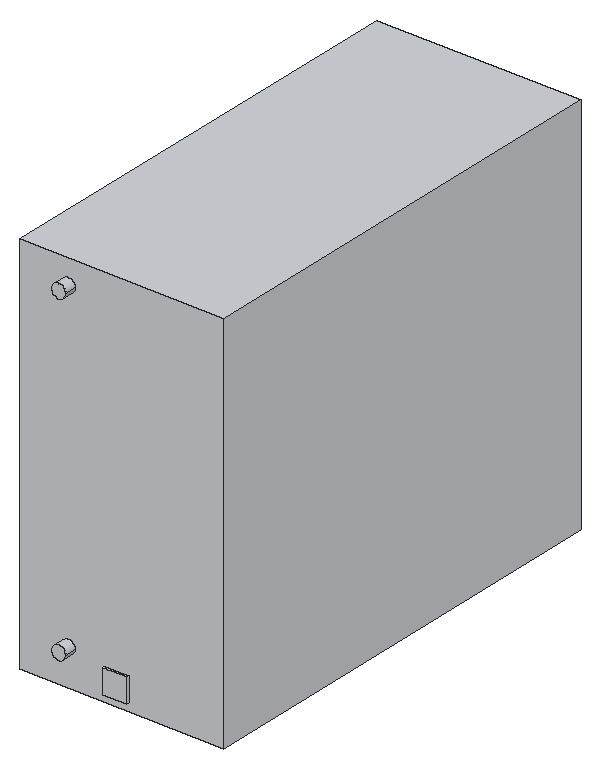
Revit family "Unidade de condensador - Sistema Split AC - 5-6 kW", category Equipamento mecânico, Revit 2019
Family settings
  Cota do conector redondo = Usar raio
  Tipo de parte = Normal
  ID de item do Seek = Air Handling Unit - Split System - Horizontal-0000-CAN-ENU
  Com base no plano de trabalho = Não
  Sempre na vertical = Sim
  Corte com vazios quando carregada = Não
  Compartilhado = Não
  Ponto de cálculo do ambiente = Não
Parameters (values of type "5 kW")
  Largura = 420 mm
  Watts = 5104 W
  Voltagem = 230 V
  Corrente nominal = 23.2 A
  Raio da lâmina 3 = Raio da grelha de descarga * 3 / 4  # 259.875 mm
  Raio da lâmina 2 = Raio da grelha de descarga * 2 / 4  # 173.25 mm
  Raio da lâmina 1 = Raio da grelha de descarga / 4  # 86.625 mm
  Classificação de carga = Refrigeração
  Raio da grelha de descarga = Diâmetro da grelha de descarga / 2  # 346.5 mm
  Diâmetro da grelha de descarga = if(Comprimento < Altura, Comprimento - 100 mm, Altura - 100 mm)  # 693 mm
  Capacidade de refrigeração = 48000 Btu/h
  Material da unidade condensadora = none
  Fluxo de ar [instance] = 5950.0 m³/h
  Número de pólos = 1
  Comprimento = 920 mm
  Altura = 793 mm
  Raio DX = 14 mm
  Diâmetro DX = Raio DX * 2  # 28 mm
  Assembly Code = ""
  Carga aparente = 0 VA
Types (2, lengths in mm): name | Watts | Corrente nominal | Capacidade de refrigeração
  5 kW | 5104 W | 23.2 A | 48000 Btu/h
  6 kW | 6094 W | 27.7 A | 60000 Btu/h
Reference planes
  plane 1 "Parte frontal": y = 0
  plane 2: z = 0
  plane 3 "Esquerda": x = 0
  plane 4 "Parte posterior": y = 920
  plane 5: z = 793
  plane 6: z = 40.447
  plane 7: x = 200
  plane 8 "Centro (Frente/Trás)": y = 460
  plane 9 "Direita": x = 420
  plane 10 "Topo da elétrica": z = 65.447
  plane 11 "Parte inferior da elétrica": z = 15.447
  plane 12: x = 225
  plane 13: x = 175
  plane 14: x = 100
  plane 15 "Parte inferior do DX": z = 75
  plane 16 "Topo DX": z = 743
  plane 17 "Centro X": z = 396.5
  plane 18 "Esquerda da grelha": y = 870
  plane 19 "Direita da grelha": y = 177
  plane 20 "Centro da grelha": y = 523.5
  plane 21: x = 210
Forms (mm)
  Extrusion 1, solid, material <- "Material da unidade condensadora"
    sketch origin (0, 0, 0) x (1, 0, 0) y (0, 1, 0)
      loop
        line (0, 920) -> (0, 0) -> (420, 0) -> (420, 920) -> (0, 920)
    from 0 to 793
  Extrusion 2, solid, material <- "Material da unidade condensadora"
    sketch origin (0, 0, 0) x (1, 0, 0) y (0, 0, 1)
      loop
        line (175, 65.447) -> (175, 15.447) -> (225, 15.447) -> (225, 65.447) -> (175, 65.447)
    from 0 to 5
  Extrusion 3, solid, material <- "Material da unidade condensadora"
    sketch origin (0, 0, 0) x (1, 0, 0) y (0, 0, 1)
      loop
        circle (100, 75) r 14
      loop
        circle (100, 743) r 14
    from 0 to 25
Lines and regions (mm)
  model lines
    curve 1: circle (0, 523.5, 396.5) r 346.5 normal (1, 0, 0)
    curve 2: circle (0, 523.5, 396.5) r 86.625 normal (1, 0, 0)
    curve 3: circle (0, 523.5, 396.5) r 173.25 normal (1, 0, 0)
    curve 4: circle (0, 523.5, 396.5) r 259.875 normal (1, 0, 0)
Dimensions and locks
  "Comprimento": plane 1 "Parte frontal" to plane 4 "Parte posterior"
  plane 6 to level = 40.447 mm
  equal spacing: plane 4 "Parte posterior", plane 8 "Centro (Frente/Trás)", plane 1 "Parte frontal"
  locked: plane 13 to plane 12 at 50
  locked: plane 10 "Topo da elétrica" to plane 11 "Parte inferior da elétrica" at 50
  equal spacing: plane 10 "Topo da elétrica", plane 6, plane 11 "Parte inferior da elétrica"
  equal spacing: plane 12, plane 7, plane 13, locked at 25 each
  locked: plane 14 to plane 3 "Esquerda" at 100
  equal spacing: plane 5, plane 17 "Centro X", plane 2
  "Altura": plane 5 to plane 2
  locked: plane 5 to plane 16 "Topo DX" at 50
  locked: plane 15 "Parte inferior do DX" to plane 2 at 75
  "Largura": plane 3 "Esquerda" to plane 9 "Direita"
  locked: plane 7 to plane 14 at 100
  locked: plane 4 "Parte posterior" to plane 18 "Esquerda da grelha" at 50
  equal spacing: plane 18 "Esquerda da grelha", plane 20 "Centro da grelha", plane 19 "Direita da grelha"
  "Diâmetro da grelha de descarga": plane 18 "Esquerda da grelha" to plane 19 "Direita da grelha"
  equal spacing: plane 3 "Esquerda", plane 21, plane 9 "Direita"
  "Raio DX": radius of Extrusion 3 sketch curve  (x2)
  "Raio da grelha de descarga": radius of curve 1
  "Raio da lâmina 1": radius of curve 2
  "Raio da lâmina 2": radius of curve 3
  "Raio da lâmina 3": radius of curve 4
  aligned and locked: plane 3 "Esquerda" to Extrusion 1 sketch curve
  aligned and locked: Extrusion 1 sketch curve to plane 4 "Parte posterior"
  aligned and locked: plane 1 "Parte frontal" to Extrusion 1 sketch curve
  aligned and locked: Extrusion 1 to plane 5  (x2)
  aligned and locked: plane 9 "Direita" to Extrusion 1
  aligned and locked: Extrusion 2 to plane 11 "Parte inferior da elétrica"
  aligned and locked: plane 10 "Topo da elétrica" to Extrusion 2
  aligned and locked: plane 13 to Extrusion 2
  aligned and locked: plane 12 to Extrusion 2
  aligned and locked: plane 16 "Topo DX" to Extrusion 3 sketch curve
  aligned and locked: plane 14 to Extrusion 3 sketch curve  (x2)
  aligned and locked: plane 15 "Parte inferior do DX" to Extrusion 3 sketch curve
  aligned and locked: plane 17 "Centro X" to curve 1
  aligned and locked: plane 20 "Centro da grelha" to curve 1
Automatic sketch dimensions
  plane 7 to Extrusion 2 sketch curve = 25 mm
  Extrusion 2 sketch curve to plane 6 = 25 mm
  Extrusion 2 sketch curve to Extrusion 2 sketch curve = 50 mm
  Extrusion 2 sketch curve to plane 7 = 25 mm
  Extrusion 1 sketch curve to plane 9 "Direita" = 0 mm
  curve 1 to curve 2 = 0 mm  (x2)
  curve 1 to curve 3 = 0 mm  (x2)
  curve 1 to curve 4 = 0 mm  (x2)
Connectors
  piping at (100, -25, 75), diameter 28, driven by "Raio DX"
    settings: on Extrusion 3, index 9, connector inside diameter 28 mm, connector length 0 mm, flow factor 0, pipe flow 0.0 L/s, pressure drop 0.0 Pa, fitting loss kfactor 0, connector angle 0.00°, fixture units 0, engagement length 0 mm, angle of deflection 0.00°, flow configuration 1, flow direction 1, fitting loss method 0, system type 22, joint type 0, gender type 0, connector reference index 10, connector utility 0, adjustable connector no, is connector primary yes, connector description "Entrada do refrigerante"
  piping at (100, -25, 743), diameter 28, driven by "Raio DX"
    settings: on Extrusion 3, index 10, connector inside diameter 28 mm, connector length 0 mm, flow factor 0, pipe flow 0.0 L/s, pressure drop 0.0 Pa, fitting loss kfactor 0, connector angle 0.00°, fixture units 0, engagement length 0 mm, angle of deflection 0.00°, flow configuration 1, flow direction 2, fitting loss method 0, system type 22, joint type 0, gender type 0, connector reference index 9, connector utility 0, adjustable connector no, is connector primary no, connector description "Saída do refrigerante"
  electrical at (200, -5, 40.447), driven by "Número de pólos", driven by "Classificação de carga", driven by "Voltagem", driven by "Carga aparente"
    settings: on Extrusion 2, index 13, voltage 230 V, apparent load 0 VA, apparent load phase1 0 VA, apparent load phase2 0 VA, apparent load phase3 0 VA, power factor 0.8, load classification "Refrigeração", number of poles 1, system type 30, power factor state 1, is connector primary yes, connector utility no, sub classification motor no, connector description "Potência"
